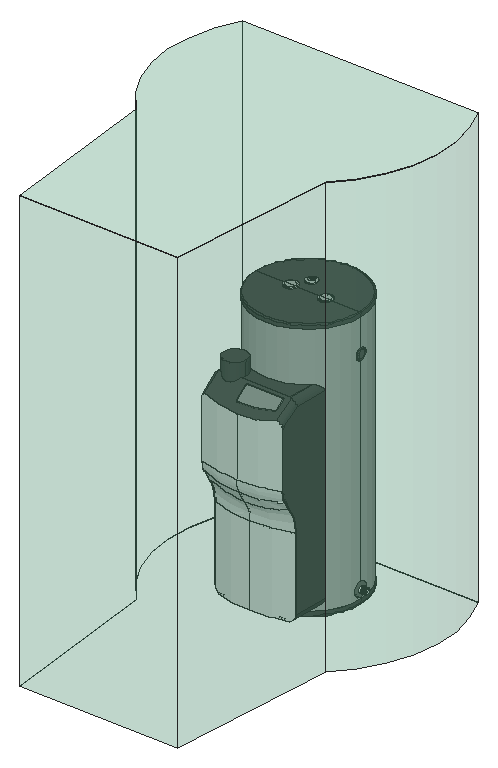
Revit family "Innovo BEFR_IR 32 285 BEFR LP", category Mechanical Equipment, Revit 2015
Parameters (values of type "IR-32-285 BEFR LP")
  largeur d'emballage = 786 mm  # constant formula
  l'Intervalle d'Entretien = "12 mois"  # constant formula
  Workspace Radius = Diameter + 170 mm  # 780 mm
  Workspace Height = Hauteur + 1000 mm  # 2545 mm
  Workspace Front Distance = 1000 mm
  Workspace [instance] = yes
  Valve Height 02 = if(and(Hauteur = 1745 mm, Diameter = 675 mm), 1518 mm, if(and(Hauteur = 1745 mm, Diameter = 610 mm), 1534 mm, if(Hauteur = 1545 mm, 1328 mm, 1070 mm)))  # 1328 mm
  Valve Height 01 = if(and(Diameter > 560 mm), 693 mm, 604 mm)  # 693 mm
  Valeur Maximale du Thermostat de Régulation = 85 °C  # constant formula
  Valeur Manimale du Thermostat de Régulation = 40 °C  # constant formula
  Valeur Défaut du Thermostat de Régulation = 65 °C  # constant formula
  URL = "www.aosmith.be"
  Type d'Installation = "B23/C13/C33/C43/C53/C63"  # constant formula
  Type d'emballage = "Carton et bois"  # constant formula
  Tension d'Alimentation (-15%, +10%) = 230 V  # constant formula
  Température Maximale des Fumées = 65 °C
  Temps de réchauffement à ΔT = 70°C = "31"
  Temps de réchauffement à ΔT = 55°C = "24"
  Temps de réchauffement à ΔT = 50°C = "22"
  Temps de réchauffement à ΔT = 44°C = "20"
  Temps de réchauffement à ΔT = 28°C = "13"
  Spécifications du Produit = ""
  Réglages du thermostat du chauffe-eau = 65 °C  # constant formula
  Réglage Standard Pour = "G20/G25"
  Rendement Saisonnier (Hs) = [Rendement (Hs, acc. NEN-EN 89 - 1999)]  # 95
  Rendement (Hs, acc. NEN-EN 89 - 1999) = 95
  Rendement (Hi, acc. NEN-EN 89 - 1999) = 106
  Raccord Évacuation de la Condensation = 40 mm  # constant formula
  Raccord de la Soupape de Vidange = 1"
  Raccord de Sortie d'Eau Chaude = 1"
  Raccord de Gaz = 15"  # constant formula
  Raccord d'Alimentation en Eau Froide = 3/4"  # constant formula
  Raccord Robinet de Vidange = 3/4"  # constant formula
  Puissance Électrique Absorbée (sommet) = 105 W
  Puissance Électrique Absorbée (nominal) = 85 W
  Profondeur d'emballage = 946 mm  # constant formula
  Profondeur = 780 mm  # constant formula
  Profils de soutirage déclaré = "XXL"
  Production Nominale = "30700.0/25600.0"
  Pression de Fonctionnement Maximale = 800000.0 Pa  # constant formula
  Pression Différentielle d'Ouverture de l'Interrupteur de Pression < = 210.0 Pa
  Pression Amont de Gaz = "2000/2500 Pa"
  Precaustions during assembling, installation or maintenance = "voir Manuel d'installation, d'emploi er d'entretien"  # constant formula
  Poids à vide = 120 kg
  Poids de Transport = 136 kg
  Phase = 1
  Pertes en Veille - tous les jours (24h) = 0 W
  Pertes en Veille = 0 W
  Nombre de modèle du produit (EAN) = "8717449286255"
  Niveau du Son dB (A) = "<45"  # constant formula
  Niveau de puissance acoustique à l'intérieur = "58 dB"
  NOx-émissions mg/kWh = "37.0/27.0"
  NOx-émissions (ven air, 0% O2) ppm = "24.0/17.0"
  Modèdele = "IR-32-245"
  Model = "IR-32-325 FR NAT"
  Marque commerciale = "A.O. Smith"  # constant formula
  Manufacturer = "A.O. Smith Water Products Company b.v."  # constant formula
  Largeur = Diameter  # 610 mm
  La commande intelligente = no
  L'efficacité énergétique pour le chauffage de l'eau (2) = "-"
  L'efficacité énergétique pour le chauffage de l'eau (1) = "92%"
  Hauteur du Raccordement au Gaz = 920 mm
  Hauteur de la Sortie d'eau Chaude = 1545 mm
  Hauteur de l'Alimentation en eau Froide = 170 mm
  Hauteur d'emballage = 1695 mm
  Hauteur Conduit d'Évacuation des Fumées = 1345 mm
  Hauteur Conduit d'Alimentation en Air = 1345 mm
  Hauteur = 1545 mm
  Guide de Produit = ""
  Garantie sur la Cuve = "36 mois"  # constant formula
  Garantie Pièces = "12 mois"  # constant formula
  Fréquence secteur = 50 Hz  # constant formula
  Forctionner qu'en heures creuses = no
  Fabricant No. = "E 7110"  # constant formula
  Epaisseur d'Isolation = 44 mm
  Débit de vidage à ΔT = 70°C après 90 min. = 710.0 L
  Débit de vidage à ΔT = 70°C après 60 min. = 520.0 L
  Débit de vidage à ΔT = 70°C après 30 min. = 330.0 L
  Débit de vidage à ΔT = 70°C après 120 min. = 900.0 L
  Débit de vidage à ΔT = 55°C après 90 min. = 930.0 L
  Débit de vidage à ΔT = 55°C après 60 min. = 690.0 L
  Débit de vidage à ΔT = 55°C après 30 min. = 440.0 L
  Débit de vidage à ΔT = 55°C après 120 min. = 1200.0 L
  Débit de vidage à ΔT = 50°C après 90 min. = 1100.0 L
  Débit de vidage à ΔT = 50°C après 60 min. = 760.0 L
  Débit de vidage à ΔT = 50°C après 30 min. = 500.0 L
  Débit de vidage à ΔT = 50°C après 120 min. = 1300.0 L
  Débit de vidage à ΔT = 44°C après 90 min. = 1200.0 L
  Débit de vidage à ΔT = 44°C après 60 min. = 870.0 L
  Débit de vidage à ΔT = 44°C après 30 min. = 570.0 L
  Débit de vidage à ΔT = 44°C après 120 min. = 1500.0 L
  Débit de vidage à ΔT = 28°C après 90 min. = 1900.0 L
  Débit de vidage à ΔT = 28°C après 60 min. = 1400.0 L
  Débit de vidage à ΔT = 28°C après 30 min. = 930.0 L
  Débit de vidage à ΔT = 28°C après 120 min. = 2400.0 L
  Débit de vidage en Continu à ΔT = 70°C = 380.0 L/s
  Débit de vidage en Continu à ΔT = 55°C = 480.0 L/s
  Débit de vidage en Continu à ΔT = 50°C = 530.0 L/s
  Débit de vidage en Continu à ΔT = 44°C = 600.0 L/s
  Débit de vidage en Continu à ΔT = 28°C = 960.0 L/s
  Diamètre Cheminée - Système Parallèle = "2x80"  # constant formula
  Diamètre Cheminée - Système Concentrique = "80/125 mm/mm"  # constant formula
  Diamètre Cheminée - Boiler = "80/125 mm/mm"  # constant formula
  Diameter = 610 mm
  Destination / Country = "Belgique"  # constant formula
  Description = "Préparateur ECS Solaire en Combinaison avec Réservoir de Stockage"  # constant formula
  D'autres profils de soutirage = "-"
  Created By = "http://www.cadcompany.nl/"
  Consommation de Gaz - Volume ltr/hr = "3.10/3.00"
  Consommation de Gaz - Masse kg/h = "a/p"
  Class d'efficacité énergétique (2) = "-"
  Class d'efficacité énergétique (1) = "A"  # constant formula
  Charge Nominale (Valeur Supérieure) = "32200.0/26800.0"
  Charge Nominale (Valeur Inférieure) = "29000.0/24100.0"
  Charge Maximale au Sol = 381 kg
  Catégorie de Gaz = "I2E(S)B"
  Capacité = 245.0 L
  CO2 Émissions (tol. +/- 1.0) vol% = "9.3/7.5"
  CE-PIN = "0063CQ3037"  # constant formula
  BIM Content Developer = "CAD & Company"  # constant formula
  Assembly Code = "D3010"
  Annual fuel consumption (2) = "-"
  Annual fuel consumption (1) = "21 GJ GCV"
  Annual electricity consumption (2) = "-"
  Annual electricity consumption (1) = "44 kWh"
  2ème Entretien (Entretien Général) = "12 mois après l'installation"  # constant formula
  1er Entretien (check-up) = "3 mois après l'installation"  # constant formula
Reference planes
  plane 1 "Center (Front/Back)": y = 0
  plane 2: z = 0
  plane 3 "Center (Left/Right)": x = 0
  plane 4 "Pipe": through (-383.901, 912.349, 194.799) normal (-0.0879, -0.0879, 0.9923)
  plane 5 "footing": y = 118.925
  plane 6 "footing front": y = -237.85
  plane 7: x = -305
  plane 8: x = 305
  plane 9: z = 1545
Forms (mm)
  Revolve 1, solid, material "RAL 9005", detail levels medium+fine
    sketch origin (0, -237.85, 0) x (-1, 0, 0) y (0, 0, 1)
      loop
        line (0, 28.9) -> (-15, 28.9) -> (-15, 26.4) -> (-8.671, 26.4) -> (-8.671, 18) -> (-5.686, 18) -> (-6.626, 17.06) -> (-6.626, 12.06) -> (-8.671, 12.06) -> (-8.671, 10) -> (-10.031, 10) -> (-23.271, 5.181)
        arc (-23.271, 5.181) -> (-23.763, 4.836) -> (-24.017, 4.293) r 1.159
        line (-24.017, 4.293) -> (-24.017, 1.03)
        arc (-24.017, 1.03) -> (-23.715, 0.302) -> (-22.986, 0) r 1.03
        line (-22.986, 0) -> (0, 0) -> (0, 28.9)
      axis (0, 28.9) -> (0, 0)
    angle from 0 to 360
  Revolve 2, solid, material "RAL 9005", detail levels medium+fine
    sketch origin (0, 118.925, 0) x (-1, 0, 0) y (0, 0, 1)
      loop
        line (-205.984, 28.9) -> (-220.984, 28.9) -> (-220.984, 26.4) -> (-214.655, 26.4) -> (-214.655, 18) -> (-211.67, 18) -> (-212.61, 17.06) -> (-212.61, 12.06) -> (-214.655, 12.06) -> (-214.655, 10) -> (-216.015, 10) -> (-229.256, 5.181)
        arc (-229.256, 5.181) -> (-229.747, 4.836) -> (-230.001, 4.293) r 1.159
        line (-230.001, 4.293) -> (-230.001, 1.03)
        arc (-230.001, 1.03) -> (-229.699, 0.302) -> (-228.971, 0) r 1.03
        line (-228.971, 0) -> (-205.984, 0) -> (-205.984, 28.9)
      axis (-205.984, 28.9) -> (-205.984, 0)
    angle from 0 to 360
  Revolve 3, solid, material "RAL 9005", detail levels medium+fine
    sketch origin (0, 118.925, 0) x (-1, 0, 0) y (0, 0, 1)
      loop
        line (204.016, 28.9) -> (189.016, 28.9) -> (189.016, 26.4) -> (195.345, 26.4) -> (195.345, 18) -> (198.33, 18) -> (197.39, 17.06) -> (197.39, 12.06) -> (195.345, 12.06) -> (195.345, 10) -> (193.985, 10) -> (180.744, 5.181)
        arc (180.744, 5.181) -> (180.253, 4.836) -> (179.999, 4.293) r 1.159
        line (179.999, 4.293) -> (179.999, 1.03)
        arc (179.999, 1.03) -> (180.301, 0.302) -> (181.029, 0) r 1.03
        line (181.029, 0) -> (204.016, 0) -> (204.016, 28.9)
      axis (204.016, 28.9) -> (204.016, 0)
    angle from 0 to 360
Lines and regions (mm)
  symbolic lines
    curve 1: line (0, 280.06, 0) -> (0, -280.06, 0)
    curve 2: line (-280.06, 0, 0) -> (280.06, 0, 0)
  symbolic lines, style "Workspace"
    curve 3: line (681.142, 380.06, 0) -> (-681.142, 380.06, 0)
    curve 4: arc (-681.142, 380.06, 0) -> (-777.325, -64.546, 0) -> (-609.127, -487.2, 0) r 780
    curve 5: line (-609.127, -487.2, 0) -> (-421.783, -1517.825, 0)
    curve 6: line (-421.783, -1517.825, 0) -> (424.03, -1517.825, 0)
    curve 7: line (424.03, -1517.825, 0) -> (611.027, -484.816, 0)
    curve 8: arc (611.027, -484.816, 0) -> (777.449, -63.027, 0) -> (681.142, 380.06, 0) r 780
Dimensions and locks
  plane 5 "footing" to plane 1 "Center (Front/Back)" = 118.925 mm
  plane 1 "Center (Front/Back)" to plane 6 "footing front" = 237.85 mm
  "Diameter": plane 7 to plane 8
  equal spacing: plane 7, plane 3 "Center (Left/Right)", plane 8
  "Hauteur": plane 9 to plane 2
  "Workspace Front Distance": curve 6 to nested 3
  "Workspace Radius": radius of curve 4
  "Workspace Radius": radius of curve 8
  aligned and locked: level to plane 2
  aligned and locked: nested 3 to Revolve 1 sketch curve
  aligned and locked: plane 3 "Center (Left/Right)" to Revolve 1 sketch curve
  aligned and locked: nested 3 to plane 1 "Center (Front/Back)"
  aligned and locked: plane 3 "Center (Left/Right)" to nested 3
  aligned and locked: nested 1 to plane 8
  aligned and locked: nested 5 to plane 8
  aligned and locked: nested 2 to plane 7
  aligned and locked: nested 4 to plane 7
  aligned and locked: nested 7 to plane 7
  aligned and locked: nested 8 to plane 3 "Center (Left/Right)"
  aligned and locked: plane 1 "Center (Front/Back)" to nested 8
  aligned and locked: nested 8 to nested 3
  aligned and locked: curve 3 to nested 8
Automatic sketch dimensions
  Revolve 1 sketch curve to level = 0 mm
  plane 3 "Center (Left/Right)" to Revolve 1 sketch curve = 5.686 mm
  Revolve 1 sketch curve to Revolve 1 sketch curve = 0.94 mm  (x2)
  Revolve 1 sketch curve to Revolve 1 sketch curve = 2.046 mm  (x2)
  Revolve 1 sketch curve to Revolve 1 sketch curve = 1.359 mm
  Revolve 1 sketch curve to Revolve 1 sketch curve = 6.329 mm
  level to Revolve 1 sketch curve = 4.091 mm
  Revolve 1 sketch curve to Revolve 1 sketch curve = 12.844 mm
  level to Revolve 1 sketch curve = 1.03 mm
  Revolve 1 sketch curve to Revolve 1 sketch curve = 0.111 mm
  level to Revolve 1 sketch curve = 5.181 mm
  Revolve 1 sketch curve to Revolve 1 sketch curve = 0.745 mm
  level to Revolve 1 sketch curve = 10 mm
  Revolve 1 sketch curve to Revolve 1 sketch curve = 2.06 mm
  Revolve 1 sketch curve to Revolve 1 sketch curve = 5 mm
  Revolve 1 sketch curve to Revolve 1 sketch curve = 8.4 mm
  Revolve 1 sketch curve to Revolve 1 sketch curve = 2.5 mm
  Revolve 1 sketch curve to level = 19.635 mm
  Revolve 1 sketch curve to Revolve 1 sketch curve = 46.465 mm
  Revolve 2 sketch curve to level = 0 mm
  level to Revolve 2 sketch curve = 1.03 mm
  Revolve 2 sketch curve to plane 8 = 74.999 mm
  level to Revolve 2 sketch curve = 5.181 mm
  Revolve 2 sketch curve to Revolve 2 sketch curve = 0.745 mm
  Revolve 2 sketch curve to Revolve 2 sketch curve = 0.397 mm
  Revolve 2 sketch curve to Revolve 2 sketch curve = 8.271 mm
  Revolve 2 sketch curve to Revolve 2 sketch curve = 13.241 mm
  Revolve 2 sketch curve to Revolve 2 sketch curve = 1.359 mm
  Revolve 2 sketch curve to Revolve 2 sketch curve = 6.329 mm
  Revolve 2 sketch curve to Revolve 2 sketch curve = 2.046 mm
  level to Revolve 2 sketch curve = 18 mm
  Revolve 2 sketch curve to Revolve 2 sketch curve = 0.94 mm  (x2)
  Revolve 2 sketch curve to Revolve 2 sketch curve = 8.671 mm
  Revolve 2 sketch curve to Revolve 2 sketch curve = 1.089 mm
  Revolve 2 sketch curve to Revolve 2 sketch curve = 8 mm
  Revolve 2 sketch curve to Revolve 2 sketch curve = 2.06 mm
  Revolve 2 sketch curve to Revolve 2 sketch curve = 8.4 mm
  Revolve 2 sketch curve to Revolve 2 sketch curve = 2.5 mm
  Revolve 2 sketch curve to Revolve 2 sketch curve = 0 mm
  Revolve 2 sketch curve to level = 19.635 mm
  Revolve 2 sketch curve to Revolve 2 sketch curve = 46.465 mm
  Revolve 3 sketch curve to level = 0 mm
  level to Revolve 3 sketch curve = 1.03 mm
  Revolve 3 sketch curve to plane 7 = 125.001 mm
  level to Revolve 3 sketch curve = 5.181 mm
  Revolve 3 sketch curve to Revolve 3 sketch curve = 0.745 mm
  Revolve 3 sketch curve to Revolve 3 sketch curve = 0.397 mm
  Revolve 3 sketch curve to Revolve 3 sketch curve = 8.271 mm
  Revolve 3 sketch curve to Revolve 3 sketch curve = 13.241 mm
  Revolve 3 sketch curve to Revolve 3 sketch curve = 1.359 mm
  Revolve 3 sketch curve to Revolve 3 sketch curve = 6.329 mm
  Revolve 3 sketch curve to Revolve 3 sketch curve = 2.046 mm
  level to Revolve 3 sketch curve = 18 mm
  Revolve 3 sketch curve to Revolve 3 sketch curve = 0.94 mm  (x2)
  Revolve 3 sketch curve to Revolve 3 sketch curve = 8.671 mm
  Revolve 3 sketch curve to Revolve 3 sketch curve = 1.089 mm
  Revolve 3 sketch curve to Revolve 3 sketch curve = 8 mm
  Revolve 3 sketch curve to Revolve 3 sketch curve = 2.06 mm
  Revolve 3 sketch curve to Revolve 3 sketch curve = 8.4 mm
  Revolve 3 sketch curve to Revolve 3 sketch curve = 2.5 mm
  Revolve 3 sketch curve to Revolve 3 sketch curve = 0 mm
  Revolve 3 sketch curve to level = 19.635 mm
  Revolve 3 sketch curve to Revolve 3 sketch curve = 46.465 mm
  curve 4 to curve 8 = 0 mm  (x2)
  plane 1 "Center (Front/Back)" to curve 2 = 0 mm
  curve 1 to plane 3 "Center (Left/Right)" = 0 mm
  plane 1 "Center (Front/Back)" to curve 4 = 0 mm
  curve 4 to plane 3 "Center (Left/Right)" = 0 mm
  curve 5 to plane 6 "footing front" = 249.35 mm
  plane 7 to curve 5 = 116.783 mm
  plane 8 to curve 7 = 119.03 mm
  curve 7 to plane 6 "footing front" = 246.966 mm
  curve 2 to plane 7 = 24.94 mm
  curve 2 to plane 8 = 24.94 mm
  curve 1 to plane 6 "footing front" = 42.21 mm
  plane 5 "footing" to curve 1 = 161.135 mm
Nested families
  nested 1: "Valve" at (305, -0.38, 1328) x (0, 1, 0) z (0, 0, 1), built-in parameter 1001364 <- "Valve Height 02", type "Valve"
  nested 2: "Drain Valve" at (-305, 0, 1328), built-in parameter 1001364 <- "Valve Height 02", type "Drain Valve"
  nested 3: "Housing Mother Housing S 57 (external)" at (0, -299.886, 0), type "Housing Mother_Housing S_57"
    with radius 305 mm, distance to boiler center 154 mm, diameter 610 mm
  nested 4: "Drain Valve" at (-305, 0, 177), type "Drain Valve"
  nested 5: "Drain Valve" at (305, 0, 107) x (-1, 0, 0) z (0, 0, 1), type "Drain Valve"
  nested 6: "Boiler" at (0, 0, 0), height <- "Hauteur", type "Boiler"
    with height 1545 mm, radius 305 mm, Diameter 610 mm
  nested 7: "Drain Valve" at (-305, 0, 693), built-in parameter 1001364 <- "Valve Height 01", type "Drain Valve"
  nested 8: "Innovo_workspace" at (0, 0, 0), Workspace <- "Workspace", Workspace Distance Front <- "Workspace Front Distance", Workspace Height <- "Workspace Height", Workspace Radius <- "Workspace Radius", type "Workspace"
    with Workspace Radius 780 mm, Workspace Height 2545 mm, Workspace Distance Front 1000 mm, Workspace yes, Center to Front 517.825 mm
Connectors
  piping at (339.826, 0, 107), diameter 19.05, driven by "Raccord Robinet de Vidange"
    settings: on nested 5, index 1, connector inside diameter 24", connector length 0 mm, flow factor 0, pipe flow 0.0 L/s, pressure drop 0.0 Pa, fitting loss kfactor 0, connector angle 0.00°, fixture units 0, engagement length 0 mm, angle of deflection 0.00°, flow configuration 0, flow direction 0, fitting loss method 0, system type 19, joint type 0, gender type 0, connector reference index -1, connector utility 0, adjustable connector no, is connector primary yes, connector description ""
  hvac at (-147.013, -346.326, 1310.674)
    settings: on nested 3, index 2, duct flow 0.0 L/s, flow factor 0, pres drop 0.0 Pa, loss coef 0, conn angle 0.00°, conn width 304.8 mm, conn height 304.8 mm, conn diameter 125 mm, duct sys type 4, conn prof type 0, flow config 0, flow direction 0, loss method 0, conn ref index -1, conn util no, is conn primary yes, conn desc ""
Definition of nested family "Valve"
  Parameters (values of type "Valve")
    Type Comments = "T&P valve (internal)"
    Manufacturer = "A.O. Smith"
  Reference planes
    plane 1 "Center (Front/Back)": y = 0
    plane 2: z = 0
    plane 3 "Center (Left/Right)": x = 0
  Forms (mm)
    Extrusion 1, solid, detail levels fine
      sketch origin (0, 0, 0) x (1, 0, 0) y (0, 0, 1)
        loop
          circle (0, 0) r 31.5
      from -2.271 to 1.4
    Sweep 2, solid, detail levels fine
      path origin (0, -1.4, 0) x (1, 0, 0) y (0, 0, 1)
        loop
          circle (0, 0) r 31.5
      profile origin (0, -1.4, 31.5) x (0, 0, -1) y (0, -1, 0)
        loop
          line (7.3, 0) -> (7.3, 3) -> (0, 0) -> (7.3, 0)
  Dimensions and locks
    aligned and locked: level to plane 2
Definition of nested family "Drain Valve"
  Reference planes
    plane 1 "Center (Front/Back)": y = 0
    plane 2: z = 0
    plane 3 "Center (Left/Right)": x = 0
  Forms (mm)
    Revolve 1, solid, detail levels medium+fine
      sketch origin (0, 0, 0) x (1, 0, 0) y (0, 0, 1)
        loop
          line (-33.442, 15.696) -> (-34.826, 14.329) -> (-34.93, 12.731) -> (-16.555, 12.731) -> (-16.555, 0) -> (15.787, 0) -> (15.787, 18.3) -> (-14.4, 18.3) -> (-17.148, 15.533) -> (-18.729, 16.697) -> (-20.091, 15.333) -> (-21.672, 16.496) -> (-23.034, 15.133) -> (-24.614, 16.296) -> (-25.976, 14.932) -> (-27.557, 16.096) -> (-28.919, 14.732) -> (-30.5, 15.896) -> (-31.862, 14.532) -> (-33.442, 15.696)
        axis (-34.93, 0) -> (15.787, 0)
      angle from 0 to 360
  Dimensions and locks
    aligned and locked: level to plane 2
  Nested families
    nested 1: "Rubber sealing" at (2.592, -0.155, 0) x (0.0023, -1, 0) z (0, 0, 1), type "Rubber sealing", detail levels fine
  Definition of nested family "Rubber sealing"
    Reference planes
      plane 1 "Center (Front/Back)": y = 0
      plane 2: z = 0
      plane 3 "Center (Left/Right)": x = 0
    Forms (mm)
      Extrusion 1, solid, detail levels fine
        sketch origin (141.861, 319.581, 0) x (1, 0, 0) y (0, 1, 0)
          loop
            line (-216.354, -311.898) -> (-216.354, -313.94)
            arc (-216.354, -313.94) -> (-141.602, -321.581) -> (-66.861, -313.835) r 366.966
            line (-66.861, -313.835) -> (-66.861, -311.791)
            arc (-66.861, -311.791) -> (-141.602, -319.581) -> (-216.354, -311.898) r 364.966
        from -80 to 80
      Extrusion 2, void
        sketch origin (141.861, 319.581, 0) x (1, 0, 0) y (0, 0, 1)
          loop
            circle (-141.861, 0) r 13
          loop
            circle (-141.861, 0) r 110
          loop
            circle (-141.861, 0) r 40
        from 311.563 to 332.684
      Extrusion 3, void
        sketch origin (141.861, 319.581, 0) x (1, 0, 0) y (0, 0, 1)
          loop
            circle (-141.861, 0) r 18.25
        from 315.524 to 326.084
    Cuts and joins
      Extrusion 2, Extrusion 3 cuts Extrusion 1
    Dimensions and locks
      aligned and locked: level to plane 2
Definition of nested family "Housing Mother Housing S 57 (external)"
  Parameters (values of type "Housing Mother_Housing S_57")
    radius [instance] = 280 mm
    distance to boiler center = if(diameter = 675 mm, 189 mm, if(diameter = 610 mm, 154 mm, 129 mm))  # 129 mm
    diameter = 560 mm
  Reference planes
    plane 1 "Center (Front/Back)": y = 0
    plane 2: z = 0
    plane 3 "Center (Left/Right)": x = 0
    plane 4 "left": through (-245.286, 145.886, 1200) normal (0.9994, 0.0349, 0)
    plane 5: y = -217.939
    plane 6: y = 145.886
    plane 7: z = 1232.6
    plane 8: z = 65.89
    plane 9 "right": through (245.286, 145.886, 1200) normal (0.9994, -0.0349, 0)
    plane 10 "display": through (0, -90.37, 1221.196) normal (0, -0.5736, 0.8192)
    plane 11 "Potentiostat": z = 867.899
    plane 12 "boiler center": y = 274.886
    plane 13: x = -280
    plane 14: x = 280
  Forms (mm)
    Extrusion 1, solid
      sketch origin (0, 0, 0) x (1, 0, 0) y (0, 1, 0)
        loop
          line (-245.286, 145.886) -> (-232.581, -217.939) -> (232.581, -217.939) -> (245.286, 145.886)
          arc (245.286, 145.886) -> (0, 0.923) -> (-245.286, 145.886) r 280
      from 0 to 1232.6
    Sweep 2, void
      path origin (0, 0, 0) x (0, 1, 0) y (0, 0, 1)
        loop
          line (-217.939, 1232.6) -> (-217.939, 795.555)
          arc (-217.939, 795.555) -> (-212.387, 754.285) -> (-197.694, 715.322) r 183.924
          arc (-197.694, 715.322) -> (-179.915, 684.628) -> (-159.106, 655.901) r 348.284
          arc (-159.106, 655.901) -> (-131.411, 600.328) -> (-121.88, 538.973) r 202.254
          line (-121.88, 538.973) -> (-121.88, 61.106)
      profile origin (0, -217.939, 1014.077) x (1, 0, 0) y (0, 1, 0)
        loop
          arc (0, 0) -> (-117.533, 9.941) -> (-231.728, 39.475) r 699.984
          arc (-231.728, 39.475) -> (-233.391, 40.705) -> (-234.07, 42.659) r 3.505
          line (-234.07, 42.659) -> (-254.062, 42.659) -> (-254.062, -142.593) -> (254.07, -142.593) -> (254.07, 42.659) -> (234.07, 42.659)
          arc (234.07, 42.659) -> (233.391, 40.705) -> (231.728, 39.475) r 3.505
          arc (231.728, 39.475) -> (117.533, 9.941) -> (0, 0) r 699.984
    Extrusion 3, void
      sketch origin (0, 0, 0) x (0, 1, 0) y (0, 0, 1)
        loop
          arc (102.864, 70.869) -> (99.804, 70.709) -> (96.874, 69.813) r 12.57
          arc (96.874, 69.813) -> (87.878, 66.533) -> (78.516, 64.529) r 69.114
          arc (78.516, 64.529) -> (76.41, 64.284) -> (74.294, 64.148) r 41.206
          arc (74.294, 64.148) -> (65.203, 64.335) -> (56.122, 64.782) r 318.661
          arc (56.122, 64.782) -> (30.585, 66.179) -> (5.028, 67.128) r 1456.581
          line (5.028, 67.128) -> (-84.534, 73.135)
          arc (-84.534, 73.135) -> (-86.363, 73.808) -> (-87.536, 75.365) r 3.455
          line (-87.536, 75.365) -> (-264.473, 75.365) -> (-264.473, 0) -> (160.886, 0) -> (160.886, 103.945) -> (145.886, 103.945)
          arc (145.886, 103.945) -> (145.104, 97.827) -> (142.923, 92.059) r 26.364
          arc (142.923, 92.059) -> (141.067, 88.936) -> (138.867, 86.045) r 31.715
          arc (138.867, 86.045) -> (135.576, 82.49) -> (132.021, 79.2) r 62.615
          arc (132.021, 79.2) -> (125.841, 74.697) -> (119.091, 71.103) r 54.444
          arc (119.091, 71.103) -> (116.371, 70.272) -> (113.531, 70.123) r 11.669
          line (113.531, 70.123) -> (102.864, 70.869)
      from -254.062 to 254.07
    Sweep 4, void
      path origin (0, 0, 0) x (1, 0, 0) y (0, 1, 0)
        loop
          line (-245.286, 145.886) -> (-232.581, -217.939)
      profile origin (-238.933, -36.027, 0) x (0.999391, 0.034899, 0) y (0, 0, 1)
        loop
          line (-4.454, 0) -> (47.084, 0) -> (47.084, 73.431)
          arc (47.084, 73.431) -> (14.222, 85.134) -> (0.255, 117.1) r 43.922
          line (0.255, 117.1) -> (-4.454, 117.1) -> (-4.454, 0)
    Sweep 5, void
      path origin (0, 0, 0) x (-1, 0, 0) y (0, 1, 0)
        loop
          line (-245.286, 145.886) -> (-232.581, -217.939)
      profile origin (238.933, -36.027, 0) x (0.999391, -0.034899, 0) y (0, 0, 1)
        loop
          line (4.454, 0) -> (4.454, 117.1) -> (-0.255, 117.1)
          arc (-0.255, 117.1) -> (-14.222, 85.134) -> (-47.084, 73.431) r 43.922
          line (-47.084, 73.431) -> (-47.084, 0) -> (4.454, 0)
    Sweep 6, void
      path origin (-239.899, -8.377, 0) x (-0.034899, 0.999391, 0) y (0, 0, 1)
        loop
          line (-209.69, 1141.272) -> (-79.18, 1232.6) -> (154.358, 1232.6)
      profile origin (-241.211, 29.188, 1232.6) x (0, 0, 1) y (0.999391, 0.034899, 0)
        loop
          line (-45, -30) -> (75, -30) -> (75, 0) -> (75, 55) -> (2.799, 55) -> (-1.253, 35.128)
          arc (-1.253, 35.128) -> (-16.771, 9.564) -> (-45, -0.308) r 44.287
          line (-45, -0.308) -> (-45, -30)
    Sweep 7, void
      path origin (239.899, -8.377, 0) x (0.034899, 0.999391, 0) y (0, 0, 1)
        loop
          line (-209.69, 1141.272) -> (-79.18, 1232.6) -> (154.358, 1232.6)
      profile origin (241.211, 29.188, 1232.6) x (0, 0, -1) y (-0.999391, 0.034899, 0)
        loop
          line (-75, -25) -> (45, -25) -> (45, -0.308)
          arc (45, -0.308) -> (16.771, 9.564) -> (1.253, 35.128) r 44.287
          line (1.253, 35.128) -> (-2.799, 55) -> (-75, 55) -> (-75, -25)
    Extrusion 8, void
      sketch origin (0, 0, 0) x (0, 1, 0) y (0, 0, 1)
        loop
          line (-270, 1336.099) -> (-270, 1099.081) -> (68.497, 1336.099) -> (-270, 1336.099)
      from -425.038 to 444.42
    Extrusion 9, solid, detail levels medium+fine
      sketch origin (0, 0, 0) x (1, 0, 0) y (0, 1, 0)
        loop
          circle (-147.013, -46.44) r 65
      from 1163.174 to 1310.674
    Extrusion 10, void
      sketch origin (0, -603.506, 861.895) x (0, 0.819152, 0.573576) y (-1, 0, 0)
        loop
          arc (618.322, -173) -> (623.272, -170.95) -> (625.322, -166) r 7
          line (625.322, -166) -> (625.322, 35)
          arc (625.322, 35) -> (623.272, 39.95) -> (618.322, 42) r 7
          line (618.322, 42) -> (535.473, 42)
          arc (535.473, 42) -> (530.688, 40.11) -> (528.488, 35.46) r 7
          arc (528.488, 35.46) -> (531.569, -67.592) -> (554.18, -168.18) r 540
          arc (554.18, -168.18) -> (556.724, -171.668) -> (560.831, -173) r 7
          line (560.831, -173) -> (618.322, -173)
      from 0 to 137.286
    Sweep 11, solid, detail levels fine
      path origin (0, 0, 867.899) x (-1, 0, 0) y (0, -1, 0)
        loop
          line (309.749, -35.617) -> (204.371, -35.617)
          arc (204.371, -35.617) -> (196.509, -34.687) -> (189.082, -31.947) r 33.677
          line (189.082, -31.947) -> (-9.574, 69.274)
      profile origin (-257.06, 35.617, 867.899) x (0, 1, 0) y (0, 0, 1)
        loop
          circle (0, 0) r 7.316
        loop
          circle (0, 0) r 6.465
    Revolve 12, void
      sketch origin (0, 274.886, 0) x (-1, 0, 0) y (0, 0, 1)
        loop
          line (280, 1243.838) -> (0, 1243.838) -> (0, 54.9) -> (280, 54.9) -> (280, 1243.838)
        axis (0, 1243.838) -> (0, 54.9)
      angle from 0 to 360
  Cuts and joins
    Sweep 2, Extrusion 3, Sweep 4, Sweep 5, Sweep 6, Sweep 7, Extrusion 8, Extrusion 10, Revolve 12 cuts Extrusion 1
  Dimensions and locks
    plane 8 to plane 2 = 65.89 mm
    plane 7 to plane 8 = 1166.71 mm
    "distance to boiler center": plane 12 "boiler center" to plane 6
    "diameter": plane 14 to plane 13
    equal spacing: plane 14, plane 3 "Center (Left/Right)", plane 13
    "radius": plane 3 "Center (Left/Right)" to plane 13
    aligned and locked: level to plane 2
    aligned and locked: Extrusion 1 to plane 7
    aligned and locked: Extrusion 1 sketch curve to plane 5
    aligned and locked: Sweep 2 to Extrusion 3
    aligned and locked: Extrusion 3 to Sweep 2  (x2)
    aligned and locked: plane 7 to Sweep 2 sketch curve
    aligned and locked: plane 3 "Center (Left/Right)" to Revolve 12 sketch curve
    aligned and locked: Revolve 12 sketch curve to plane 3 "Center (Left/Right)"
    aligned and locked: plane 13 to Revolve 12 sketch curve
  Automatic sketch dimensions
    Extrusion 1 sketch curve to plane 4 "left" = 0 mm  (x2)
    Extrusion 1 sketch curve to plane 6 = 0 mm  (x2)
    Extrusion 1 sketch curve to plane 3 "Center (Left/Right)" = 0 mm
    Extrusion 1 sketch curve to plane 9 "right" = 0 mm
    plane 6 to Extrusion 1 sketch curve = 135.037 mm
    Sweep 2 sketch curve to plane 5 = 0 mm
    plane 5 to Sweep 2 sketch curve = 106.195 mm
    Sweep 2 sketch curve to plane 5 = 96.059 mm
    plane 1 "Center (Front/Back)" to Sweep 2 sketch curve = 34.053 mm
    plane 11 "Potentiostat" to Sweep 2 sketch curve = 6.417 mm
    Sweep 2 sketch curve to plane 6 = 33.705 mm
    Sweep 2 sketch curve to plane 11 "Potentiostat" = 68.615 mm
    Sweep 2 sketch curve to plane 11 "Potentiostat" = 72.345 mm
    Sweep 2 sketch curve to Sweep 2 sketch curve = 176.349 mm
    Sweep 2 sketch curve to Sweep 2 sketch curve = 0 mm  (x2)
    plane 8 to Sweep 2 sketch curve = 4.784 mm
    Extrusion 3 sketch curve to level = 0 mm
    Extrusion 3 sketch curve to plane 6 = 0 mm
    Extrusion 3 sketch curve to plane 6 = 26.363 mm
    Extrusion 3 sketch curve to Extrusion 3 sketch curve = 4.75 mm
    Extrusion 3 sketch curve to Extrusion 3 sketch curve = 5.179 mm
    Extrusion 3 sketch curve to plane 8 = 4.232 mm
    Extrusion 3 sketch curve to Extrusion 3 sketch curve = 0.814 mm
    Extrusion 3 sketch curve to plane 8 = 4.978 mm
    Extrusion 3 sketch curve to Extrusion 3 sketch curve = 10.667 mm
    Extrusion 3 sketch curve to Extrusion 3 sketch curve = 0.877 mm
    Extrusion 3 sketch curve to Extrusion 3 sketch curve = 17.827 mm
    Extrusion 3 sketch curve to Extrusion 3 sketch curve = 5.646 mm
    Extrusion 3 sketch curve to plane 6 = 69.562 mm
    Extrusion 3 sketch curve to Extrusion 3 sketch curve = 18.6 mm
    Extrusion 3 sketch curve to Extrusion 3 sketch curve = 22.538 mm
    Extrusion 3 sketch curve to plane 8 = 1.238 mm
    Extrusion 3 sketch curve to plane 1 "Center (Front/Back)" = 5.028 mm
    plane 1 "Center (Front/Back)" to Extrusion 3 sketch curve = 36.224 mm
    Extrusion 3 sketch curve to plane 8 = 10.692 mm
    plane 1 "Center (Front/Back)" to Extrusion 3 sketch curve = 84.302 mm
    Extrusion 3 sketch curve to plane 8 = 7.244 mm
    Extrusion 3 sketch curve to Extrusion 3 sketch curve = 0.231 mm
    Extrusion 3 sketch curve to Extrusion 3 sketch curve = 3.234 mm
    plane 5 to Extrusion 3 sketch curve = 46.534 mm
    plane 6 to Extrusion 3 sketch curve = 15 mm
    Extrusion 3 sketch curve to level = 1388.869 mm
    plane 8 to Extrusion 3 sketch curve = 7.561 mm
    Extrusion 3 sketch curve to Extrusion 3 sketch curve = 11.64 mm
    Extrusion 3 sketch curve to plane 8 = 38.054 mm
    Extrusion 3 sketch curve to Extrusion 3 sketch curve = 22.442 mm
    Extrusion 3 sketch curve to plane 8 = 39.432 mm
    Extrusion 3 sketch curve to Extrusion 3 sketch curve = 2.466 mm
    Extrusion 3 sketch curve to Extrusion 3 sketch curve = 14.17 mm
    Extrusion 3 sketch curve to Extrusion 3 sketch curve = 5.925 mm
    Extrusion 3 sketch curve to Extrusion 3 sketch curve = 6.186 mm
    Extrusion 3 sketch curve to Extrusion 3 sketch curve = 249.85 mm
    Extrusion 3 sketch curve to Extrusion 3 sketch curve = 0 mm  (x4)
    Extrusion 3 sketch curve to Extrusion 3 sketch curve = 6.845 mm
    plane 8 to Extrusion 3 sketch curve = 1.743 mm
    Sweep 4 sketch curve to plane 4 "left" = 0 mm  (x2)
    Sweep 4 sketch curve to plane 6 = 0 mm
    plane 5 to Sweep 4 sketch curve = 0 mm
    Sweep 4 sketch curve to level = 0 mm
    profile plane to Sweep 4 sketch curve = 4.454 mm
    Sweep 4 sketch curve to profile plane = 0.255 mm
    Sweep 4 sketch curve to Sweep 4 sketch curve = 43.922 mm
    Sweep 4 sketch curve to profile plane = 47.084 mm
    level to Sweep 4 sketch curve = 73.431 mm
    Sweep 4 sketch curve to Sweep 4 sketch curve = 43.669 mm
    Sweep 5 sketch curve to plane 6 = 0 mm
    Sweep 5 sketch curve to plane 9 "right" = 0 mm  (x2)
    plane 5 to Sweep 5 sketch curve = 0 mm
    Sweep 5 sketch curve to level = 0 mm
    profile plane to Sweep 5 sketch curve = 47.084 mm
    Sweep 5 sketch curve to Sweep 5 sketch curve = 2.907 mm
    profile plane to Sweep 5 sketch curve = 0.255 mm
    Sweep 5 sketch curve to profile plane = 4.454 mm
    level to Sweep 5 sketch curve = 73.431 mm
    Sweep 5 sketch curve to Sweep 5 sketch curve = 43.669 mm
    Sweep 6 sketch curve to plane 7 = 0 mm
    plane 7 to Sweep 6 sketch curve = 91.328 mm
    Sweep 6 sketch curve to Sweep 6 sketch curve = 130.509 mm
    Sweep 6 sketch curve to Sweep 6 sketch curve = 233.538 mm
    Sweep 6 sketch curve to plane 4 "left" = 0 mm
    profile plane to Sweep 6 sketch curve = 45 mm
    Sweep 6 sketch curve to Sweep 6 sketch curve = 0.354 mm
    profile plane to Sweep 6 sketch curve = 1.253 mm
    Sweep 6 sketch curve to profile plane = 2.799 mm
    Sweep 6 sketch curve to Sweep 6 sketch curve = 72.201 mm
    Sweep 6 sketch curve to plane 4 "left" = 0.308 mm
    Sweep 6 sketch curve to Sweep 6 sketch curve = 29.692 mm
    plane 4 "left" to Sweep 6 sketch curve = 35.128 mm
    plane 4 "left" to Sweep 6 sketch curve = 55 mm
    Sweep 7 sketch curve to plane 7 = 0 mm
    Sweep 7 sketch curve to plane 7 = 91.328 mm
    Sweep 7 sketch curve to Sweep 7 sketch curve = 130.509 mm
    Sweep 7 sketch curve to Sweep 7 sketch curve = 233.538 mm
    Sweep 7 sketch curve to plane 9 "right" = 25 mm
    profile plane to Sweep 7 sketch curve = 75 mm
    profile plane to Sweep 7 sketch curve = 2.799 mm
    Sweep 7 sketch curve to profile plane = 1.253 mm
    Sweep 7 sketch curve to Sweep 7 sketch curve = 43.393 mm
    Sweep 7 sketch curve to profile plane = 45 mm
    Sweep 7 sketch curve to plane 9 "right" = 0.308 mm
    plane 9 "right" to Sweep 7 sketch curve = 35.128 mm
    Sweep 7 sketch curve to Sweep 7 sketch curve = 19.872 mm
    plane 5 to Extrusion 8 sketch curve = 52.061 mm
    Extrusion 8 sketch curve to plane 1 "Center (Front/Back)" = 68.497 mm
    plane 7 to Extrusion 8 sketch curve = 133.519 mm
    Extrusion 8 sketch curve to plane 7 = 103.499 mm
    plane 1 "Center (Front/Back)" to Extrusion 9 sketch curve = 46.44 mm
    Extrusion 9 sketch curve to plane 3 "Center (Left/Right)" = 147.013 mm
    Extrusion 10 sketch curve to plane 3 "Center (Left/Right)" = 0 mm
    Extrusion 10 sketch curve to plane 3 "Center (Left/Right)" = 35 mm
    Extrusion 10 sketch curve to Extrusion 10 sketch curve = 25.359 mm
    Extrusion 10 sketch curve to Extrusion 10 sketch curve = 57.491 mm
    Extrusion 10 sketch curve to plane 3 "Center (Left/Right)" = 42 mm
    Extrusion 10 sketch curve to Extrusion 10 sketch curve = 82.85 mm
    Extrusion 10 sketch curve to Extrusion 10 sketch curve = 7 mm
    Extrusion 10 sketch curve to Extrusion 10 sketch curve = 442 mm
    plane 3 "Center (Left/Right)" to Extrusion 10 sketch curve = 166 mm
    Extrusion 10 sketch curve to Extrusion 10 sketch curve = 0 mm  (x2)
    Sweep 11 sketch curve to plane 1 "Center (Front/Back)" = 31.947 mm
    Sweep 11 sketch curve to plane 3 "Center (Left/Right)" = 189.082 mm
    Sweep 11 sketch curve to plane 1 "Center (Front/Back)" = 1.94 mm
    Sweep 11 sketch curve to Sweep 11 sketch curve = 15.289 mm
    plane 3 "Center (Left/Right)" to Sweep 11 sketch curve = 9.574 mm
    Sweep 11 sketch curve to Sweep 11 sketch curve = 105.378 mm
    plane 1 "Center (Front/Back)" to Sweep 11 sketch curve = 69.274 mm
    Sweep 11 sketch curve to Sweep 11 sketch curve = 0 mm  (x2)
    Sweep 11 sketch curve to plane 11 "Potentiostat" = 0 mm
    Sweep 11 sketch curve to profile plane = 0 mm
    plane 8 to Revolve 12 sketch curve = 10.99 mm
    Revolve 12 sketch curve to plane 7 = 11.238 mm
    Revolve 12 sketch curve to level = 366.045 mm
    Revolve 12 sketch curve to Revolve 12 sketch curve = 971.917 mm
    Sweep 2 sketch curve to plane 3 "Center (Left/Right)" = 0 mm
    profile plane to Sweep 2 sketch curve = 0 mm
    Sweep 2 sketch curve to plane 3 "Center (Left/Right)" = 0.016 mm
    Sweep 2 sketch curve to profile plane = 42.782 mm  (x2)
    Sweep 2 sketch curve to plane 3 "Center (Left/Right)" = 230.568 mm
    plane 3 "Center (Left/Right)" to Sweep 2 sketch curve = 0.016 mm
    plane 3 "Center (Left/Right)" to Sweep 2 sketch curve = 230.568 mm
    Sweep 2 sketch curve to Sweep 2 sketch curve = 3.502 mm  (x2)
    Sweep 2 sketch curve to Sweep 2 sketch curve = 20 mm
    profile plane to Sweep 2 sketch curve = 142.593 mm
    Sweep 2 sketch curve to Sweep 2 sketch curve = 0.122 mm  (x2)
    Sweep 2 sketch curve to Sweep 2 sketch curve = 657.203 mm
    Sweep 2 sketch curve to Sweep 2 sketch curve = 19.991 mm
    radius of Extrusion 9 sketch curve = 65 mm
    radius of Sweep 11 sketch curve = 7.316 mm
    radius of Sweep 11 sketch curve = 6.465 mm
  Nested families
    nested 1: "display" at (65.5, -130.939, 1192.79) x (-1, 0, 0) z (0, -0.5736, 0.8192), type "display"
  Definition of nested family "display"
    Parameters (values of type "display")
      Default Elevation = 1219.2 mm
    Reference planes
      plane 1 "Center (Front/Back)": y = 0
      plane 2: z = 0
      plane 3 "Center (Left/Right)": x = 0
    Forms (mm)
      Extrusion 1, solid, detail levels medium+fine
        sketch origin (-16.958, 11.842, -343.878) x (1, 0, 0) y (0, 0, -1)
          loop
            line (-233.523, -343.878) -> (-233.523, -346.592) -> (332.686, -346.592) -> (332.686, -343.878) -> (-233.523, -343.878)
        from -228.7 to 150.822
      Extrusion 2, void
        sketch origin (-16.958, 6.842, -343.878) x (1, 0, 0) y (0, 1, 0)
          loop
            line (-233.523, 155.822) -> (-233.523, -223.7) -> (332.686, -223.7) -> (332.686, 155.822) -> (-233.523, 155.822)
          loop
            arc (-90.542, -48.267) -> (-88.492, -53.216) -> (-83.542, -55.267) r 7
            line (-83.542, -55.267) -> (117.458, -55.267)
            arc (117.458, -55.267) -> (122.408, -53.216) -> (124.458, -48.267) r 7
            line (124.458, -48.267) -> (124.458, 34.583)
            arc (124.458, 34.583) -> (122.568, 39.368) -> (117.918, 41.568) r 7
            arc (117.918, 41.568) -> (14.866, 38.487) -> (-85.722, 15.876) r 540
            arc (-85.722, 15.876) -> (-89.21, 13.332) -> (-90.542, 9.224) r 7
            line (-90.542, 9.224) -> (-90.542, -48.267)
        from 328.878 to 363.083
    Cuts and joins
      Extrusion 2 cuts Extrusion 1
    Dimensions and locks
      aligned and locked: level to plane 2
Definition of nested family "Boiler"
  Parameters (values of type "Boiler")
    radius [instance] = 280 mm
    height [instance] = 1270 mm
    Diameter = 560 mm
  Reference planes
    plane 1 "Center (Front/Back)": y = 0
    plane 2: z = 0
    plane 3 "Center (Left/Right)": x = 0
    plane 4: z = 1243.838
    plane 5: z = 1270
    plane 6 "bottom": z = 28.9
    plane 7: z = 54.9
    plane 8 "top controle": y = 88
    plane 9: x = -280
    plane 10: x = 280
  Forms (mm)
    Revolve 1, solid
      sketch origin (0, 0, 0) x (1, 0, 0) y (0, 0, 1)
        loop
          line (0, 54.9) -> (-280, 54.9) -> (-280, 32.9)
          arc (-280, 32.9) -> (-278.828, 30.072) -> (-276, 28.9) r 4
          line (-276, 28.9) -> (0, 28.9) -> (0, 54.9)
        axis (0, 28.9) -> (0, 54.9)
      angle from 0 to 360
    Revolve 2, solid
      sketch origin (1.311, 0, 0) x (1, 0, 0) y (0, 0, 1)
        loop
          line (-278.86, 1243.838) -> (-278.86, 54.9) -> (-1.311, 54.9) -> (-1.311, 1243.838) -> (-278.86, 1243.838)
        axis (-1.311, 1243.838) -> (-1.311, 54.9)
      angle from 0 to 360
    Revolve 3, solid
      sketch origin (-9.205, 0, 377.212) x (-1, 0, 0) y (0, 0, 1)
        loop
          line (-148.904, 892.788) -> (-110.805, 892.788) -> (-110.805, 895.963) -> (-141.883, 895.963) -> (-148.904, 893.62) -> (-148.904, 892.788)
        axis (-110.805, 892.788) -> (-110.805, 895.963)
      angle from 0 to 360
    Revolve 4, solid
      sketch origin (0, 0, 718.065) x (1, 0, 0) y (0, 0, -1)
        loop
          line (0, -525.773) -> (-280, -525.773) -> (-280, -547.935)
          arc (-280, -547.935) -> (-278.828, -550.763) -> (-276, -551.935) r 4
          line (-276, -551.935) -> (0, -551.935) -> (0, -525.773)
        axis (0, -551.935) -> (0, -525.773)
      angle from 0 to 360
    Revolve 5, solid
      sketch origin (0, 88, 0) x (1, 0, 0) y (0, 0, 1)
        loop
          line (-19.051, 1270) -> (-19.051, 1271.074) -> (-32.63, 1275.604) -> (-32.63, 1271.117) -> (-37.266, 1271.117) -> (-38.383, 1270) -> (-19.051, 1270)
        axis (-50.8, 1270) -> (-50.8, 1275.604)
      angle from 0 to 360
    Revolve 6, solid
      sketch origin (-217.12, 0, 372.245) x (-1, 0, 0) y (0, 0, 1)
        loop
          line (-153.622, 897.755) -> (-115.52, 897.755) -> (-115.52, 900.93) -> (-146.626, 900.93) -> (-153.622, 898.596) -> (-153.622, 897.755)
        axis (-115.52, 897.755) -> (-115.52, 900.93)
      angle from 0 to 360
  Dimensions and locks
    "height": plane 5 to plane 2
    plane 6 "bottom" to plane 2 = 28.9 mm
    locked: plane 5 to plane 4 at 26.162
    locked: plane 1 "Center (Front/Back)" to plane 8 "top controle" at 88
    "Diameter": plane 10 to plane 9
    equal spacing: plane 10, plane 3 "Center (Left/Right)", plane 9
    "radius": plane 3 "Center (Left/Right)" to plane 9
    locked: plane 9 to Revolve 2 sketch curve at 2.452
    aligned and locked: level to plane 2
    aligned and locked: Revolve 2 sketch curve to plane 7
    aligned and locked: Revolve 2 sketch curve to plane 4
    aligned and locked: Revolve 1 sketch curve to plane 7
    aligned and locked: plane 6 "bottom" to Revolve 1 sketch curve
    aligned and locked: Revolve 4 sketch curve to plane 3 "Center (Left/Right)"
    aligned and locked: plane 5 to Revolve 4 sketch curve
    aligned and locked: Revolve 4 sketch curve to plane 4
    aligned and locked: plane 9 to Revolve 4 sketch curve
    aligned and locked: Revolve 1 sketch curve to plane 9
    aligned and locked: Revolve 2 sketch curve to plane 3 "Center (Left/Right)"
    aligned and locked: plane 3 "Center (Left/Right)" to Revolve 2 sketch curve
  Automatic sketch dimensions
    Revolve 1 sketch curve to plane 3 "Center (Left/Right)" = 0 mm  (x2)
    Revolve 1 sketch curve to Revolve 1 sketch curve = 4 mm
    Revolve 1 sketch curve to level = 40 mm
    Revolve 1 sketch curve to Revolve 1 sketch curve = 305.1 mm
    Revolve 2 sketch curve to level = 366.045 mm
    Revolve 2 sketch curve to plane 5 = 945.755 mm
    Revolve 3 sketch curve to plane 5 = 0 mm
    Revolve 3 sketch curve to plane 3 "Center (Left/Right)" = 139.699 mm
    plane 5 to Revolve 3 sketch curve = 3.175 mm
    Revolve 3 sketch curve to Revolve 3 sketch curve = 7.022 mm
    Revolve 3 sketch curve to Revolve 3 sketch curve = 31.078 mm
    Revolve 3 sketch curve to Revolve 3 sketch curve = 0.832 mm
    Revolve 3 sketch curve to Revolve 3 sketch curve = 0 mm
    Revolve 3 sketch curve to Revolve 3 sketch curve = 2.338 mm
    Revolve 3 sketch curve to Revolve 3 sketch curve = 4.487 mm
    Revolve 4 sketch curve to plane 3 "Center (Left/Right)" = 0 mm
    Revolve 4 sketch curve to Revolve 4 sketch curve = 4 mm
    Revolve 4 sketch curve to Revolve 4 sketch curve = 68.738 mm
    Revolve 4 sketch curve to Revolve 4 sketch curve = 305.1 mm
    Revolve 6 sketch curve to plane 5 = 0 mm
    plane 3 "Center (Left/Right)" to Revolve 6 sketch curve = 63.497 mm
    plane 5 to Revolve 6 sketch curve = 3.175 mm
    Revolve 6 sketch curve to Revolve 6 sketch curve = 6.997 mm
    Revolve 6 sketch curve to Revolve 6 sketch curve = 31.106 mm
    Revolve 6 sketch curve to Revolve 6 sketch curve = 0.84 mm
    Revolve 6 sketch curve to Revolve 6 sketch curve = 0 mm
    Revolve 6 sketch curve to Revolve 6 sketch curve = 7.216 mm
    Revolve 6 sketch curve to Revolve 6 sketch curve = 0.391 mm
    Revolve 5 sketch curve to Revolve 5 sketch curve = 13.578 mm
    Revolve 5 sketch curve to Revolve 5 sketch curve = 1.074 mm
    Revolve 5 sketch curve to Revolve 5 sketch curve = 12.417 mm
    Revolve 5 sketch curve to Revolve 5 sketch curve = 5.753 mm
    Revolve 5 sketch curve to plane 5 = 1.117 mm
    Revolve 5 sketch curve to Revolve 5 sketch curve = 1.117 mm
    plane 5 to Revolve 5 sketch curve = 4.396 mm
    Revolve 5 sketch curve to plane 5 = 0 mm
    Revolve 5 sketch curve to Revolve 5 sketch curve = 4.487 mm
    Revolve 5 sketch curve to plane 3 "Center (Left/Right)" = 38.383 mm
    Revolve 5 sketch curve to plane 5 = 5.604 mm
Definition of nested family "Innovo_workspace"
  Parameters (values of type "Workspace")
    Workspace Radius [instance] = 730 mm
    Workspace Height [instance] = 2270 mm
    Workspace Distance Front [instance] = 1000 mm
    Workspace [instance] = yes
    URL = "www.aosmith.nl"
    Model = ""
    Manufacturer = "A.O. Smith Water Products Company b.v."  # constant formula
    Description = ""
    Created By = ""
    Center to Front [instance] = 492.825 mm
    BIM Content Developer = "CAD & Company"  # constant formula
    Assembly Code = ""
  Reference planes
    plane 1 "Center (Front/Back)": y = 0
    plane 2: z = 0
    plane 3 "Center (Left/Right)": x = 0
    plane 4 "Pipe": through (-383.901, 912.349, 194.799) normal (-0.0879, -0.0879, 0.9923)
    plane 5 "front": y = -492.825
  Forms (mm)
    Extrusion 1, solid, visible <- "Workspace"
      sketch origin (0, 0, 0) x (1, 0, 0) y (0, 1, 0)
        loop
          line (456.53, -1492.825) -> (500.201, -531.695)
          arc (500.201, -531.695) -> (723.44, -97.643) -> (623.261, 380.06) r 730
          line (623.261, 380.06) -> (-623.261, 380.06)
          arc (-623.261, 380.06) -> (-723.227, -99.209) -> (-497.893, -533.856) r 730
          line (-497.893, -533.856) -> (-454.283, -1492.825) -> (456.53, -1492.825)
      from 0 to 2270 <- "Workspace Height"
  Lines and regions (mm)
    symbolic lines
      curve 1: line (0, 280.06, 0) -> (0, -280.06, 0)
      curve 2: line (-255.06, 0, 0) -> (255.06, 0, 0)
  Dimensions and locks
    locked: Extrusion 1 sketch curve to curve 1 at 100
    "Workspace Distance Front": plane 5 "front" to Extrusion 1
    "Center to Front": plane 1 "Center (Front/Back)" to plane 5 "front"
    "Workspace Radius": radius of Extrusion 1 sketch curve  (x2)
    aligned and locked: level to plane 2
  Automatic sketch dimensions
    plane 1 "Center (Front/Back)" to curve 2 = 0 mm
    curve 1 to plane 3 "Center (Left/Right)" = 0 mm
    plane 3 "Center (Left/Right)" to curve 2 = 255.06 mm
    curve 1 to plane 1 "Center (Front/Back)" = 280.06 mm
    curve 2 to plane 3 "Center (Left/Right)" = 255.06 mm
    plane 5 "front" to curve 1 = 212.765 mm
    Extrusion 1 sketch curve to Extrusion 1 sketch curve = 0 mm  (x2)
    plane 1 "Center (Front/Back)" to Extrusion 1 sketch curve = 0 mm
    Extrusion 1 sketch curve to plane 3 "Center (Left/Right)" = 0 mm
    Extrusion 1 sketch curve to plane 5 "front" = 41.031 mm
    Extrusion 1 sketch curve to plane 3 "Center (Left/Right)" = 454.283 mm
    plane 3 "Center (Left/Right)" to Extrusion 1 sketch curve = 456.53 mm
    Extrusion 1 sketch curve to plane 5 "front" = 38.869 mm
    Extrusion 1 sketch curve to Extrusion 1 sketch curve = 961.131 mm
